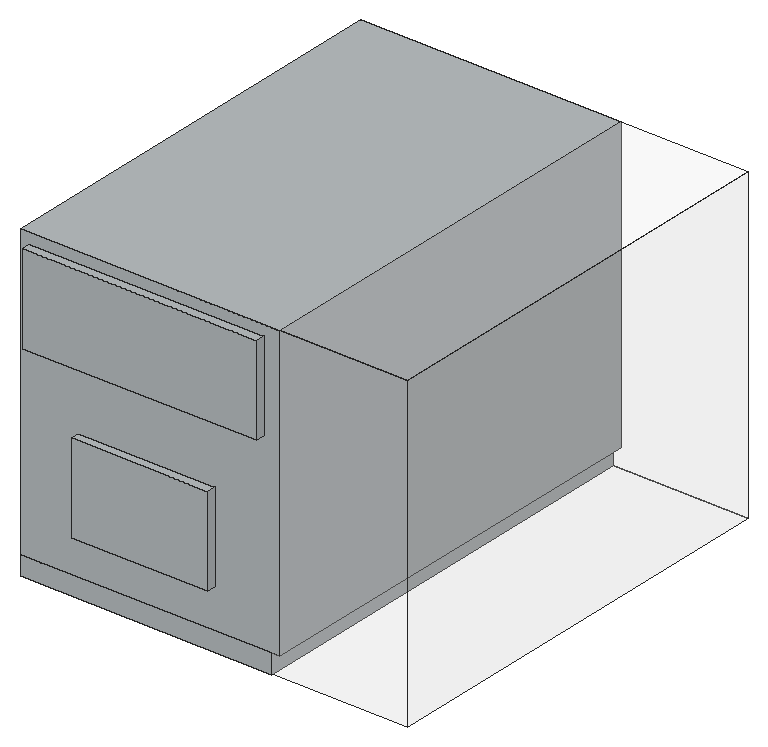
Revit family "lp-250x4-60_60Hz", category 機械設備, Revit 2019
Family settings
  丸型コネクタ寸法 = 直径を使用
  パーツ タイプ = 標準
  OmniClass 番号 = 23.75.10.34.21
  OmniClass タイトル = Heat Exchangers for Ventilation Air
  作業面ベース = いいえ
  常に垂直 = はい
  ロード時にボイドで切り取り = いいえ
  共有 = いいえ
  部屋計算ポイント = はい
Parameters (values of type "LP-250X4-60")
  騒音レベル(dB(A)) = 52.5
  風量 = 2500.0 m³/h
  面風速 = 2.58 m/s
  電源種別 [instance] = ""
  電圧 = 200 V
  電動機出力 = 1.5 W
  集中コントローラ = ""
  運転質量 = 0.00 kg
  連動 [instance] = ""
  質量 = if(製品質量 > 運転質量, 製品質量, 運転質量) * 1.2  # 540.00 kg
  負荷分類 = 3_ファン類
  説明 = "設備用ロスナイ ビル用ロスナイパック形"
  設計風量 = 0.0 m³/h
  設置方法 = "床置形"
  記号 [instance] = ""
  製造元 = "三菱電機株式会社"
  製品質量 = 450.00 kg
  製品出荷対象 = "国内"
  製品リリース年月 = "2018/7/25"
  製品グループ = ""
  系統 [instance] = ""
  符号 = "HEU"
  積算_科目 = "1 空気調和設備"
  積算_拾い区分 [instance] = ""
  相 = 3
  盤記号 [instance] = ""
  発停方法 [instance] = ""
  特殊仕様 [instance] = ""
  火災停止 [instance] = ""
  温度交換効率 = 77.00%
  消費電力 = 2500 W
  法定耐用年数 = "15"
  機外静圧_排気 = 393.0 Pa
  機外静圧 = 393.0 Pa
  極数 = 3
  材質 [instance] = ""
  本体固定用穴ピッチ2 = 565 mm
  本体固定用穴ピッチ1 = 1930 mm
  本体固定用穴_径 = 20 mm
  本体マテリアル = 溶融亜鉛めっき鋼板
  操作・制御方式 = ""
  操作・制御スイッチ = ""
  排気量 = 0.0 m³/h
  形式 = "床置形"
  幹線記号 [instance] = ""
  対象室 [instance] = ""
  実風量 = 0.0 m³/h
  始動方式 [instance] = "直入"
  外気量 = 0.0 m³/h
  呼称 = "全熱交換ユニット"
  周波数 = 60 Hz
  参照している仕様書等のバージョン = "公共建築工事標準仕様書（機械設備工事編）平成31年度版"
  初期抵抗 = 0.0 Pa
  分類コード = "50052504100050"
  分類グループ = ""
  価格 = 4895000
  企業コード = "108420"
  付属品_フィルター_還気 = ""
  付属品_フィルター = ""
  付属品 [instance] = ""
  仕様書バージョン = "Version1.0"
  モデル = "LP-250X4-60"
  メンテナンススペース = yes
  コメント [instance] = ""
  Keynote = ""
  エンタルピ交換効率_暖房 = 66.00%
  エンタルピ交換効率_冷房 = 60.00%
  Assembly Code = ""
  Width = 1218 mm
  W1 = 1180 mm
  Version = ""
  Uniclass2015Version = "Systems v1.9"
  Uniclass2015Title = "Thermal wheels"
  Uniclass2015Code = "Pr_60_60_36_88"
  URL = "https://www.mitsubishielectric.co.jp/ldg/wink/ssl/displayProduct.do?pid=294063"
  SpecificationReference = ""
  SpecificationDescription = ""
  SAサイズ_W = 640 mm
  SAサイズ_D = 420 mm
  Revision = ""
  RAダクト接続_通常 = yes
  RAダクト接続_変更1 = not(RAダクト接続_通常)  # no
  RAサイズ_W = 1100 mm
  RAサイズ_D = 420 mm
  ProductInformation = ""
  OmniClassCode = "23-27 23 19 11"
  OAダクト接続_通常 = yes
  OAダクト接続_変更1 = not(OAダクト接続_通常)  # no
  OAサイズ_W = 1100 mm
  OAサイズ_D = 420 mm
  MIN風量 = 0.0 m³/h
  MIN静圧 = 0.0 Pa
  MID風量 = 0.0 m³/h
  MID静圧 = 0.0 Pa
  MAX風量 = 2500.0 m³/h
  MAX静圧 = 393.0 Pa
  IfcTypeProduct = ""
  IfcProduct = ""
  IfcExportType = "ROTARYWHEEL"
  IfcExportAs = "IfcAirToAirHeatRecoveryType"
  Height = 1370 mm
  H1 = 90 mm
  EAサイズ_W = 640 mm
  EAサイズ_D = 420 mm
  Duct_SA_W = 273 mm
  Duct_SA_H = 274 mm
  Duct_RA_W = 43 mm
  Duct_RA_H = 296 mm
  Duct_RA_D = 49 mm
  Duct_OA_W = 43 mm
  Duct_OA_H = 296 mm
  Duct_OA_D = 49 mm
  Duct_Height = 41 mm
  Duct_EA_W = 273 mm
  Duct_EA_H = 274 mm
  Depth = 2000 mm
  D1 = 2000 mm
  Clearance Top = 0 mm
  Clearance Right = 600 mm
  Clearance Left = 0 mm
  Clearance Front = 0 mm
  Clearance Bottom = 0 mm
  Clearance Back = 0 mm
  Author = "三菱電機株式会社"
Reference planes
  plane 1 "中心(正面/背面)": y = 0
  plane 2: z = 0
  plane 3 "中心(左/右)": x = 0
  plane 4: x = 590
  plane 5: x = 628
  plane 6: y = 1000
  plane 7: y = 1000
  plane 8: y = -1000
  plane 9: y = -1000
  plane 10: x = -590
  plane 11: x = -590
  plane 12: y = 741
  plane 13: y = -741
  plane 14: y = -531
  plane 15: y = -951
  plane 16: y = 951
  plane 17: y = 531
  plane 18: x = -547
  plane 19: x = 553
  plane 20: z = 90
  plane 21: z = 1460
  plane 22: z = 1501
  plane 23: y = 565
  plane 24: y = -565
  plane 25: x = -965
  plane 26: x = 965
  plane 27: x = 1228
  plane 28: x = -590
  plane 29: y = 1000
  plane 30: y = -1000
  plane 31: z = 1460
  plane 32: z = 0
  plane 33: x = -317
  plane 34: x = 323
  plane 35: z = 274
  plane 36: z = 694
  plane 37: z = 990
  plane 38: z = 1410
  plane 39: x = -547
  plane 40: x = 553
  plane 41: y = -1041
  plane 42: y = 1041
  plane 43: x = -317
  plane 44: x = 323
  plane 45: z = 274
  plane 46: z = 694
  plane 47: z = 990
  plane 48: z = 1410
Forms (mm)
  Extrusion 1, solid, material "溶融亜鉛めっき鋼板" <- "本体マテリアル", detail levels fine
    sketch origin (0, 0, 0) x (1, 0, 0) y (0, 1, 0)
      loop
        line (-590, 1000) -> (-590, -1000) -> (628, -1000) -> (628, 1000) -> (-590, 1000)
    from 90 to 1460
  Extrusion 2, solid, material "溶融亜鉛めっき鋼板" <- "本体マテリアル", detail levels fine
    sketch origin (0, 0, 0) x (1, 0, 0) y (0, 1, 0)
      loop
        line (-590, 1000) -> (-590, -1000) -> (590, -1000) -> (590, 1000) -> (-590, 1000)
    from 0 to 90
  Extrusion 3, solid, material "溶融亜鉛めっき鋼板" <- "本体マテリアル", visible <- "RAダクト接続_変更1", detail levels fine
    sketch origin (0, 0, 0) x (1, 0, 0) y (0, 1, 0)
      loop
        line (-547, -951) -> (553, -951) -> (553, -531) -> (-547, -531) -> (-547, -951)
    from 1460 to 1501
  Extrusion 4, solid, material "溶融亜鉛めっき鋼板" <- "本体マテリアル", visible <- "OAダクト接続_変更1", detail levels fine
    sketch origin (0, 0, 0) x (1, 0, 0) y (0, 1, 0)
      loop
        line (-547, 951) -> (-547, 531) -> (553, 531) -> (553, 951) -> (-547, 951)
    from 1460 to 1501
  Extrusion 5, solid, material "溶融亜鉛めっき鋼板" <- "本体マテリアル", detail levels fine
    sketch origin (0, 0, 0) x (1, 0, 0) y (0, 0, 1)
      loop
        line (-317, 274) -> (323, 274) -> (323, 694) -> (-317, 694) -> (-317, 274)
    from 1000 to 1041
  Extrusion 6, solid, material "溶融亜鉛めっき鋼板" <- "本体マテリアル", detail levels fine
    sketch origin (0, 0, 0) x (1, 0, 0) y (0, 0, 1)
      loop
        line (323, 694) -> (-317, 694) -> (-317, 274) -> (323, 274) -> (323, 694)
    from -1041 to -1000
  Extrusion 7, solid, material "溶融亜鉛めっき鋼板" <- "本体マテリアル", visible <- "OAダクト接続_通常", detail levels fine
    sketch origin (0, -420, 0) x (1, 0, 0) y (0, 0, 1)
      loop
        line (-547, 990) -> (553, 990) -> (553, 1410) -> (-547, 1410) -> (-547, 990)
    from -1461 to -1420
  Extrusion 8, solid, material "溶融亜鉛めっき鋼板" <- "本体マテリアル", visible <- "RAダクト接続_通常", detail levels fine
    sketch origin (0, 240, 0) x (1, 0, 0) y (0, 0, 1)
      loop
        line (-547, 1410) -> (-547, 990) -> (553, 990) -> (553, 1410) -> (-547, 1410)
    from 1240 to 1281
Lines and regions (mm)
  Masking region 1, detail levels coarse+medium
    outline origin (1331.5, 88, 0) x (1, 0, 0) y (0, 1, 0)
      loop
        line (-1921.5, 912) -> (-1921.5, -1088) -> (-741.5, -1088) -> (-741.5, 912) -> (-1921.5, 912)
  symbolic lines, detail levels coarse+medium
    curve 1: line (0, 1000, 0) -> (-590, 0, 0)
    curve 2: line (-590, 0, 0) -> (0, -1000, 0)
    curve 3: line (0, -1000, 0) -> (590, 0, 0)
    curve 4: line (0, 1000, 0) -> (590, 0, 0)
Dimensions and locks
  equal spacing: plane 10, plane 3 "中心(左/右)", plane 4
  "W1": plane 10 to plane 4
  "Width": plane 11 to plane 5
  equal spacing: plane 7, plane 1 "中心(正面/背面)", plane 9
  "D1": plane 7 to plane 9
  equal spacing: plane 6, plane 1 "中心(正面/背面)", plane 8
  "Depth": plane 6 to plane 8
  equal spacing: plane 15, plane 13, plane 14
  "RAサイズ_D": plane 15 to plane 14
  equal spacing: plane 17, plane 12, plane 16
  "OAサイズ_D": plane 17 to plane 16
  "RAサイズ_W": plane 18 to plane 19
  locked: plane 11 to plane 10 at 0
  "H1": plane 20 to level
  "Height": plane 21 to plane 20
  "Duct_Height": plane 22 to plane 21
  "本体固定用穴ピッチ2": plane 1 "中心(正面/背面)" to plane 23
  "本体固定用穴ピッチ2": plane 24 to plane 1 "中心(正面/背面)"
  equal spacing: plane 25, plane 3 "中心(左/右)", plane 26
  "本体固定用穴ピッチ1": plane 25 to plane 26
  "Clearance Right": plane 5 to plane 27
  "Clearance Left": plane 28 to plane 11
  "Clearance Back": plane 29 to plane 6
  "Clearance Front": plane 8 to plane 30
  "Clearance Top": plane 31 to plane 21
  "Clearance Bottom": level to plane 32
  "Duct_RA_D": plane 8 to plane 15
  "Duct_OA_D": plane 6 to plane 16
  "Duct_SA_H": plane 35 to level
  "SAサイズ_D": plane 36 to plane 35
  "Duct_RA_H": plane 37 to plane 36
  "RAサイズ_D": plane 38 to plane 37
  "OAサイズ_W": plane 39 to plane 40
  "Duct_OA_W": plane 11 to plane 39
  "Duct_RA_W": plane 11 to plane 18
  "Duct_Height": plane 8 to plane 41
  "SAサイズ_W": plane 34 to plane 33
  "Duct_Height": plane 42 to plane 6
  "Duct_SA_W": plane 33 to plane 11
  "EAサイズ_D": plane 46 to plane 45
  "Duct_EA_H": plane 45 to level
  "Duct_EA_W": plane 43 to plane 11
  "EAサイズ_W": plane 44 to plane 43
  "OAサイズ_D": plane 48 to plane 47
  "Duct_OA_H": plane 47 to plane 46
  aligned and locked: level to plane 2
  aligned and locked: Extrusion 1 sketch curve to plane 6
  aligned and locked: plane 10 to Extrusion 1 sketch curve
  aligned and locked: Extrusion 1 sketch curve to plane 8
  aligned and locked: Extrusion 2 sketch curve to plane 7
  aligned and locked: plane 11 to Extrusion 2 sketch curve
  aligned and locked: Extrusion 2 sketch curve to plane 9
  aligned and locked: plane 15 to Extrusion 3 sketch curve
  aligned and locked: Extrusion 3 sketch curve to plane 18
  aligned and locked: plane 14 to Extrusion 3 sketch curve
  aligned and locked: Extrusion 3 sketch curve to plane 19
  aligned and locked: plane 9 to Masking region 1
  aligned and locked: Masking region 1 to plane 11
  aligned and locked: plane 7 to Masking region 1
  aligned and locked: Masking region 1 to curve 1
  aligned and locked: Masking region 1 to curve 2
  aligned and locked: plane 20 to Extrusion 2
  aligned and locked: plane 21 to Extrusion 1
  aligned and locked: Extrusion 1 to plane 20
  aligned and locked: plane 22 to Extrusion 3
  aligned and locked: Extrusion 3 to plane 21
  aligned and locked: plane 27 to nested 1
  aligned and locked: nested 1 to plane 30
  aligned and locked: nested 1 to plane 29
  aligned and locked: nested 1 to plane 31
  aligned and locked: nested 1 to plane 32
  aligned and locked: plane 9 to curve 2
  aligned and locked: plane 3 "中心(左/右)" to curve 3
  aligned and locked: plane 4 to curve 3
  aligned and locked: plane 3 "中心(左/右)" to curve 4
  aligned and locked: plane 1 "中心(正面/背面)" to curve 4
  aligned and locked: nested 2 to plane 24
  aligned and locked: plane 25 to nested 2
  aligned and locked: nested 2 to plane 26
  aligned and locked: plane 25 to nested 3
  aligned and locked: nested 3 to plane 26
  aligned and locked: plane 1 "中心(正面/背面)" to nested 3
  aligned and locked: plane 25 to nested 4
  aligned and locked: nested 4 to plane 26
  aligned and locked: nested 4 to plane 23
  aligned and locked: nested 1 to plane 28
  aligned and locked: Masking region 1 to plane 4
  aligned and locked: plane 4 to Extrusion 2 sketch curve
  aligned and locked: plane 5 to Extrusion 1 sketch curve
  aligned and locked: Extrusion 4 sketch curve to plane 16
  aligned and locked: plane 18 to Extrusion 4 sketch curve
  aligned and locked: Extrusion 4 sketch curve to plane 17
  aligned and locked: plane 22 to Extrusion 4
  aligned and locked: Extrusion 4 to plane 21
  aligned and locked: Extrusion 5 sketch curve to plane 35
  aligned and locked: Extrusion 5 sketch curve to plane 33
  aligned and locked: plane 36 to Extrusion 5 sketch curve
  aligned and locked: Extrusion 5 sketch curve to plane 34
  aligned and locked: Extrusion 5 to plane 41
  aligned and locked: Extrusion 5 to plane 8
  aligned and locked: Extrusion 6 to plane 42
  aligned and locked: Extrusion 6 to plane 6
  aligned and locked: Extrusion 7 to plane 42
  aligned and locked: Extrusion 7 to plane 6
  aligned and locked: Extrusion 8 sketch curve to plane 38
  aligned and locked: plane 18 to Extrusion 8 sketch curve
  aligned and locked: Extrusion 8 sketch curve to plane 37
  aligned and locked: plane 19 to Extrusion 8 sketch curve
  aligned and locked: Extrusion 8 to plane 41
  aligned and locked: Extrusion 8 to plane 8
  aligned and locked: plane 46 to Extrusion 6 sketch curve
  aligned and locked: plane 44 to Extrusion 6 sketch curve
  aligned and locked: Extrusion 6 sketch curve to plane 45
  aligned and locked: Extrusion 6 sketch curve to plane 43
  aligned and locked: Extrusion 7 sketch curve to plane 47
  aligned and locked: Extrusion 7 sketch curve to plane 18
  aligned and locked: Extrusion 7 sketch curve to plane 48
  aligned and locked: plane 40 to Extrusion 4 sketch curve
  aligned and locked: Extrusion 7 sketch curve to plane 40
Automatic sketch dimensions
  plane 1 "中心(正面/背面)" to curve 1 = 0 mm
  curve 1 to plane 10 = 0 mm
  curve 4 to plane 7 = 0 mm
  plane 9 to Masking region 1 sketch curve = 0 mm
  Masking region 1 sketch curve to plane 10 = 0 mm
  Masking region 1 sketch curve to plane 4 = 0 mm
  Masking region 1 sketch curve to plane 7 = 0 mm
Nested families
  nested 1: "メンテナンススペース" at (319, 0, 730), visible <- "メンテナンススペース", type "メンテナンススペース"
    with Width 1818 mm, Height 1460 mm, Depth 2000 mm
  nested 2: "固定点" at (-965, -565, 0), type "固定点"
    with W 1930 mm, D 1000 mm
  nested 3: "固定点" at (-965, 0, 0), type "固定点"
    with W 1930 mm, D 1000 mm
  nested 4: "固定点" at (-965, 565, 0), type "固定点"
    with W 1930 mm, D 1000 mm
Connectors
  electrical at (628, 0, 775), driven by "極数", driven by "負荷分類", driven by "電圧", driven by "消費電力"
    settings: on Extrusion 1, index 5, voltage 200 V, apparent load 2500 VA, apparent load phase1 0 VA, apparent load phase2 0 VA, apparent load phase3 0 VA, power factor 1, load classification "3_ファン類", number of poles 3, system type 30, power factor state 1, is connector primary yes, connector utility no, sub classification motor no, connector description ""
  hvac at (3, -1041, 484), driven by "SAサイズ_D", driven by "SAサイズ_W", driven by "機外静圧", driven by "風量"
    settings: on Extrusion 5, index 6, duct flow 2500.0 m³/h, flow factor 0, pres drop 393.0 Pa, loss coef 0, conn angle 0.00°, conn width 640 mm, conn height 420 mm, conn diameter 609.6 mm, duct sys type 1, conn prof type 1, flow config 0, flow direction 2, loss method 4, conn ref index -1, conn util no, is conn primary yes, conn desc ""
  hvac at (3, -1041, 1200), driven by "RAサイズ_D", driven by "RAサイズ_W", driven by "機外静圧", driven by "風量"
    settings: on Extrusion 8, index 8, duct flow 2500.0 m³/h, flow factor 0, pres drop 393.0 Pa, loss coef 0, conn angle 0.00°, conn width 1100 mm, conn height 420 mm, conn diameter 609.6 mm, duct sys type 2, conn prof type 1, flow config 0, flow direction 1, loss method 4, conn ref index -1, conn util no, is conn primary no, conn desc ""
  hvac at (3, -741, 1501), driven by "RAサイズ_D", driven by "RAサイズ_W"
    settings: on Extrusion 3, index 9, duct flow 0.0 m³/h, flow factor 0, pres drop 0.0 Pa, loss coef 0, conn angle 0.00°, conn width 1100 mm, conn height 420 mm, conn diameter 609.6 mm, duct sys type 2, conn prof type 1, flow config 0, flow direction 1, loss method 4, conn ref index -1, conn util no, is conn primary no, conn desc ""
  hvac at (3, 741, 1501), driven by "OAサイズ_D", driven by "OAサイズ_W", driven by "機外静圧", driven by "風量"
    settings: on Extrusion 4, index 10, duct flow 2500.0 m³/h, flow factor 0, pres drop 393.0 Pa, loss coef 0, conn angle 0.00°, conn width 1100 mm, conn height 420 mm, conn diameter 609.6 mm, duct sys type 4, conn prof type 1, flow config 0, flow direction 1, loss method 4, conn ref index -1, conn util no, is conn primary no, conn desc ""
  hvac at (3, 1041, 1200), driven by "OAサイズ_D", driven by "OAサイズ_W", driven by "機外静圧", driven by "風量"
    settings: on Extrusion 7, index 11, duct flow 2500.0 m³/h, flow factor 0, pres drop 393.0 Pa, loss coef 0, conn angle 0.00°, conn width 1100 mm, conn height 420 mm, conn diameter 609.6 mm, duct sys type 4, conn prof type 1, flow config 0, flow direction 1, loss method 4, conn ref index -1, conn util no, is conn primary no, conn desc ""
  hvac at (3, 1041, 484), driven by "EAサイズ_D", driven by "EAサイズ_W", driven by "機外静圧_排気", driven by "排気量"
    settings: on Extrusion 6, index 12, duct flow 0.0 m³/h, flow factor 0, pres drop 393.0 Pa, loss coef 0, conn angle 0.00°, conn width 640 mm, conn height 420 mm, conn diameter 609.6 mm, duct sys type 3, conn prof type 1, flow config 0, flow direction 2, loss method 4, conn ref index -1, conn util no, is conn primary no, conn desc ""
Definition of nested family "メンテナンススペース"
  Parameters (values of type "メンテナンススペース")
    Width [instance] = 500 mm
    Height [instance] = 500 mm
    Depth [instance] = 500 mm
  Reference planes
    plane 1 "中心(正面/背面)": y = 0
    plane 2: z = 0
    plane 3 "中心(左/右)": x = 0
    plane 4: y = -250
    plane 5: x = 250
    plane 6: y = 250
    plane 7: x = -250
    plane 8: z = 250
    plane 9: z = -250
  Forms (mm)
    Extrusion 1, solid
      sketch origin (-638.939, 0, 72.39) x (1, 0, 0) y (0, 1, 0)
        loop
          line (388.939, 250) -> (388.939, -250) -> (888.939, -250) -> (888.939, 250) -> (388.939, 250)
      from -322.39 to 177.61
  Lines and regions (mm)
    symbolic lines
      curve 1: line (-250, 0, 250) -> (250, 0, 250)
      curve 2: line (-250, 0, -250) -> (-250, 0, 250)
      curve 3: line (250, 0, -250) -> (-250, 0, -250)
      curve 4: line (250, 0, 250) -> (250, 0, -250)
      curve 5: line (0, -250, 250) -> (0, 250, 250)
      curve 6: line (0, -250, -250) -> (0, -250, 250)
      curve 7: line (0, 250, -250) -> (0, -250, -250)
      curve 8: line (0, 250, 250) -> (0, 250, -250)
      curve 9: line (-250, 250, 0) -> (250, 250, 0)
      curve 10: line (-250, -250, 0) -> (-250, 250, 0)
      curve 11: line (250, -250, 0) -> (-250, -250, 0)
      curve 12: line (250, 250, 0) -> (250, -250, 0)
  Dimensions and locks
    equal spacing: plane 7, plane 3 "中心(左/右)", plane 5
    equal spacing: plane 4, plane 1 "中心(正面/背面)", plane 6
    "Depth": plane 4 to plane 6
    "Width": plane 7 to plane 5
    equal spacing: plane 8, plane 2, plane 9
    "Height": plane 8 to plane 9
    aligned and locked: plane 9 to curve 3
    aligned and locked: plane 7 to curve 2
    aligned and locked: curve 4 to plane 5
    aligned and locked: plane 5 to Extrusion 1
    aligned and locked: Extrusion 1 to plane 7
    aligned and locked: Extrusion 1 to plane 9
    aligned and locked: plane 8 to Extrusion 1
    aligned and locked: plane 9 to curve 7
  Automatic sketch dimensions
    plane 4 to Extrusion 1 sketch curve = 0 mm
    Extrusion 1 sketch curve to plane 7 = 0 mm
    Extrusion 1 sketch curve to plane 5 = 0 mm
    plane 6 to Extrusion 1 sketch curve = 0 mm
    curve 2 to plane 8 = 0 mm
    plane 4 to curve 11 = 0 mm
    curve 11 to plane 7 = 0 mm
    curve 11 to plane 5 = 0 mm
    plane 6 to curve 10 = 0 mm
    curve 7 to plane 4 = 0 mm
    curve 7 to plane 6 = 0 mm
    curve 6 to plane 8 = 0 mm
Definition of nested family "固定点"
  Parameters (values of type "固定点")
    中心円 = 20 mm
    W [instance] = 1000 mm
    D [instance] = 1000 mm
  Reference planes
    plane 1 "中心(正面/背面)": y = 0
    plane 2: z = 0
    plane 3 "中心(左/右)": x = 0
    plane 4: x = 1000
  Lines and regions (mm)
    symbolic lines, detail levels fine
      curve 1: circle (0, 0, 0) r 10 normal (0, 0, 1)
      curve 2: circle (1000, 0, 0) r 10 normal (0, 0, 1)
      curve 3: line (-200, 0, 0) -> (1200, 0, 0)
      curve 4: line (0, 200, 0) -> (0, -200, 0)
      curve 5: line (1000, 200, 0) -> (1000, -200, 0)
  Dimensions and locks
    "W": plane 3 "中心(左/右)" to plane 4
    "中心円": diameter of curve 1
    "中心円": diameter of curve 2
    aligned and locked: level to plane 2
    aligned and locked: plane 3 "中心(左/右)" to curve 1
    aligned and locked: plane 1 "中心(正面/背面)" to curve 1
    aligned and locked: plane 1 "中心(正面/背面)" to curve 2
    aligned and locked: plane 4 to curve 2
    aligned and locked: plane 1 "中心(正面/背面)" to curve 3
    aligned and locked: curve 4 to plane 3 "中心(左/右)"
    aligned and locked: curve 5 to plane 4
  Automatic sketch dimensions
    curve 3 to plane 3 "中心(左/右)" = 200 mm
    curve 2 to curve 3 = 200 mm
    plane 1 "中心(正面/背面)" to curve 4 = 200 mm
    plane 1 "中心(正面/背面)" to curve 5 = 200 mm
    curve 5 to plane 1 "中心(正面/背面)" = 200 mm
    curve 4 to plane 1 "中心(正面/背面)" = 200 mm
